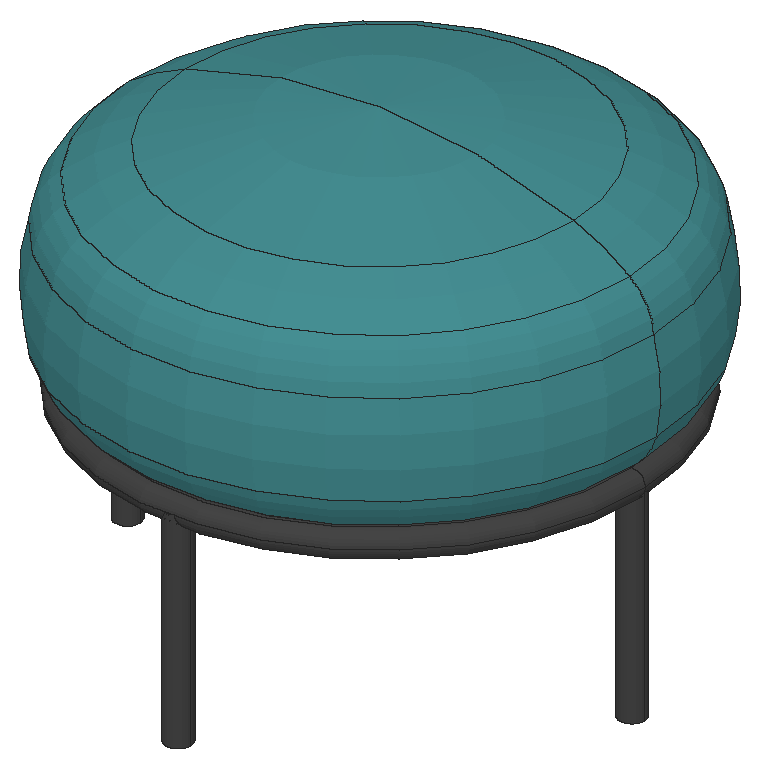
Revit family "FU_Chair_Sandler_Metiz 480-50", category Furniture, Revit 2020
Family settings
  OmniClass Number = 23.40.20.00
  OmniClass Title = General Furniture and Specialties
  Work Plane-Based = No
  Always vertical = Yes
  Cut with Voids When Loaded = No
  Shared = No
  Room Calculation Point = No
Parameters (values of type "Metiz 480.50")
  Width = 530 mm
  URL = "https://www.sandlerseating.com/product/metiz-480-50/"
  Seat [instance] = Fabric - Manhattan - Leroy YI160
  Model = "Metiz 480.50"
  Manufacturer = "Sandler"
  Height = 430 mm
  Frame [instance] = Metal Lacquers - Black
  Description = "Small upholstered ottoman on a matt lacquered steel frame."
  Depth = 530 mm
  Default Elevation = 0 mm
Reference planes
  plane 1 "Center (Front/Back)": y = 0
  plane 2: z = 0
  plane 3 "Center (Left/Right)": x = 0
  plane 4 "Right": x = -265
  plane 5 "Left": x = 265
  plane 6 "Back": y = 265
  plane 7 "Front": y = -265
  plane 8 "Height": z = 430
  plane 9 "Frame Ring C FRONT": z = 196.354
Forms (mm)
  Sweep 1, solid, material "Metal Lacquers - Black" <- "Frame"
    path origin (0, 0, 196.354) x (-1, 0, 0) y (0, -1, 0)
      loop
        circle (0, 0) r 237.5
    profile "Pro_Circles : 25mm" origin (0, -237.5, 196.354) x (0, 1, 0) y (0, 0, 1)
      loop
        arc (-12.467, 0.067) -> (-8.882, -8.788) -> (-0.067, -12.467) r 12.401
        arc (-0.067, -12.467) -> (8.836, -8.836) -> (12.467, 0.067) r 12.401
        arc (12.467, 0.067) -> (8.788, 8.882) -> (-0.067, 12.467) r 12.401
        arc (-0.067, 12.467) -> (-8.835, 8.835) -> (-12.467, 0.067) r 12.4
  Extrusion 2, solid, material "Metal Lacquers - Black" <- "Frame"
    sketch origin (0, 0, 0) x (1, 0, 0) y (0, 1, 0)
      loop
        circle (-237.567, 0) r 12
    from 0 to 196.354
  Extrusion 3, solid, material "Metal Lacquers - Black" <- "Frame"
    sketch origin (0, 0, 0) x (1, 0, 0) y (0, 1, 0)
      loop
        circle (0, -237.567) r 12
    from 0 to 196.354
  Extrusion 4, solid, material "Metal Lacquers - Black" <- "Frame"
    sketch origin (0, 0, 0) x (-1, 0, 0) y (0, -1, 0)
      loop
        circle (-237.567, 0) r 12
    from 0 to 196.354
  Extrusion 5, solid, material "Metal Lacquers - Black" <- "Frame"
    sketch origin (0, 0, 0) x (1, 0, 0) y (0, 1, 0)
      loop
        circle (0, 237.567) r 12
    from 0 to 196.354
  Revolve 6, solid, material "Fabric - Manhattan - Leroy YI160" <- "Seat"
    sketch origin (0, 0, 0) x (1, 0, 0) y (0, 0, 1)
      loop
        arc (0, 430) -> (-92.651, 422.067) -> (-182.428, 397.833) r 522.419
        arc (-182.428, 397.833) -> (-209.8, 385.475) -> (-235.138, 369.352) r 210.767
        arc (-235.138, 369.352) -> (-251.036, 351.524) -> (-258.527, 328.842) r 58.783
        arc (-258.527, 328.842) -> (-265.136, 286.32) -> (-261.242, 243.464) r 176.219
        arc (-261.242, 243.464) -> (-244.699, 216.658) -> (-216.805, 202.026) r 59.608
        arc (-216.805, 202.026) -> (-185.825, 196.834) -> (-154.484, 194.741) r 316.356
        line (-154.484, 194.741) -> (0, 194.741) -> (0, 430)
      axis (0, 430) -> (0, 194.741)
    angle from 0 to 360
Lines and regions (mm)
  reference lines
    curve 1: line (-250, 0, 196.354) -> (-225, 0, 196.354)
    curve 2: line (0, -250, 196.354) -> (0, -225, 196.354)
Dimensions and locks
  equal spacing: plane 4 "Right", plane 3 "Center (Left/Right)", plane 5 "Left"
  "Width": plane 4 "Right" to plane 5 "Left"
  equal spacing: plane 6 "Back", plane 1 "Center (Front/Back)", plane 7 "Front"
  "Depth": plane 6 "Back" to plane 7 "Front"
  "Height": plane 8 "Height" to level
  plane 9 "Frame Ring C FRONT" to level = 196.354 mm
  aligned and locked: level to plane 2
Automatic sketch dimensions
  plane 1 "Center (Front/Back)" to Sweep 1 sketch curve = 0 mm
  Sweep 1 sketch curve to plane 3 "Center (Left/Right)" = 0 mm
  curve 2 to plane 3 "Center (Left/Right)" = 0 mm
  plane 1 "Center (Front/Back)" to curve 1 = 0 mm
  curve 1 to plane 4 "Right" = 40 mm
  curve 1 to plane 4 "Right" = 15 mm
  plane 7 "Front" to curve 2 = 40 mm
  plane 7 "Front" to curve 2 = 15 mm
  plane 1 "Center (Front/Back)" to Extrusion 2 sketch curve = 0 mm
  Extrusion 2 sketch curve to plane 4 "Right" = 27.433 mm
  Extrusion 3 sketch curve to plane 3 "Center (Left/Right)" = 0 mm
  plane 7 "Front" to Extrusion 3 sketch curve = 27.433 mm
  plane 1 "Center (Front/Back)" to Extrusion 4 sketch curve = 0 mm
  Extrusion 4 sketch curve to plane 5 "Left" = 27.433 mm
  Extrusion 5 sketch curve to plane 3 "Center (Left/Right)" = 0 mm
  plane 6 "Back" to Extrusion 5 sketch curve = 27.433 mm
  Revolve 6 sketch curve to plane 3 "Center (Left/Right)" = 0 mm  (x2)
  Revolve 6 sketch curve to plane 8 "Height" = 0 mm
  Revolve 6 sketch curve to plane 3 "Center (Left/Right)" = 1.934 mm
  Revolve 6 sketch curve to plane 3 "Center (Left/Right)" = 89.006 mm
  plane 9 "Frame Ring C FRONT" to Revolve 6 sketch curve = 3.691 mm
  Revolve 6 sketch curve to Revolve 6 sketch curve = 20.602 mm
  Revolve 6 sketch curve to plane 4 "Right" = 115.905 mm
  Revolve 6 sketch curve to plane 9 "Frame Ring C FRONT" = 1.613 mm
  Revolve 6 sketch curve to Revolve 6 sketch curve = 44.875 mm
  Revolve 6 sketch curve to plane 4 "Right" = 64.872 mm
  Revolve 6 sketch curve to plane 4 "Right" = 60.953 mm
  Revolve 6 sketch curve to level = 92.416 mm
  plane 9 "Frame Ring C FRONT" to Revolve 6 sketch curve = 63.898 mm
  Revolve 6 sketch curve to Revolve 6 sketch curve = 80.675 mm
  Revolve 6 sketch curve to Revolve 6 sketch curve = 61.88 mm
  plane 8 "Height" to Revolve 6 sketch curve = 81.051 mm
  Revolve 6 sketch curve to Revolve 6 sketch curve = 0 mm  (x3)
  Revolve 6 sketch curve to plane 4 "Right" = 6.473 mm
  Revolve 6 sketch curve to Revolve 6 sketch curve = 14.291 mm
  plane 8 "Height" to Revolve 6 sketch curve = 19.882 mm
  radius of Sweep 1 sketch curve = 237.5 mm
  radius of Extrusion 2 sketch curve = 12 mm
  radius of Extrusion 3 sketch curve = 12 mm
  radius of Extrusion 4 sketch curve = 12 mm
  radius of Extrusion 5 sketch curve = 12 mm
